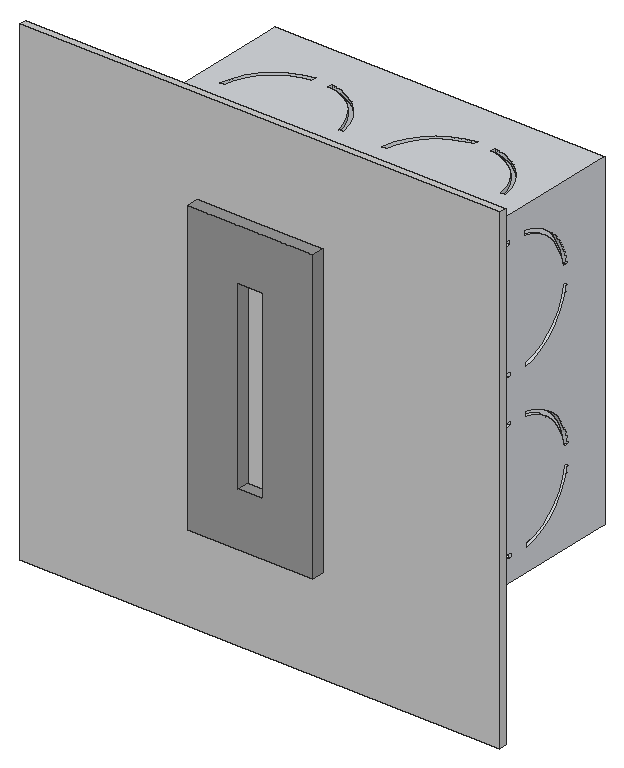
Revit family "LED OLIVE INSITE_LZ645Y3WW", category Luminarias, Revit 2019
Family settings
  Cota de conector redondo = Diámetro de uso
  Tipo de pieza = Normal
  Se basa en plano de trabajo = Sí
  Siempre vertical = No
  Corte con vacíos al cargar = No
  Origen de luz = Sí
  Compartido = No
  Punto de cálculo de habitación = No
Parameters (values of type "LED OLIVE INSITE_LZ645Y3WW")
  Zone [instance] = ""
  Watt per fixture = 4
  Wattage = 4 W
  built-in parameter 1150107 = 3000 (stored number, unit not read)
  Light Source Symbol Size = 609.6 mm
  built-in parameter 1150110 = 1 (stored number, unit not read)
  built-in parameter 1150109 = 1 (stored number, unit not read)
  built-in parameter 1150112 = 1 (stored number, unit not read)
  built-in parameter 1150113 = 1 (stored number, unit not read)
  built-in parameter 1114218 = 1 (stored number, unit not read)
  Keynote = ""
  built-in parameter 1150137 = (empty or 0)
  built-in parameter 1150132 = (empty or 0)
  Modelo = "LZ645Y3WW"
  Lámpara = "CREE"
  Longitud [instance] = 1000 mm
  built-in parameter 1150105 = 33.741 (stored number, unit not read)
  built-in parameter 1150102 = (empty or 0)
  built-in parameter 1150106 = 0.33741 (stored number, unit not read)
  Lumens = 106 lm
  Color Filter = 16777215
  built-in parameter 1114217 = 1 (stored number, unit not read)
  built-in parameter 1150139 = (empty or 0)
  Fabricante = "BRILLANT"
  Default Elevation = 0 mm
  built-in parameter 1150104 = 2.4619 (stored number, unit not read)
  Descripción = "LUMINARIA TIPO CORTESIA PARA EMPOTRAR EN MURO CON CUERPO DE ALUMINIO Y VIDRIO, IP 33 USO PARA INTERIORES, CUENTA CON 1 LED TIPO CREE CON UNA POTENCIA TOTAL DE 4W, A UNA TEMPERATURA EN BLANCO CALIDO 3000K CON 106 LUMENES, EFICIENCIA DE 26.5LM/W, IRC 80, APERTURA A 45 GRADOS EN STOCK, CABLE 0.5M CON FUENTE EXTERNA REMOTA (INCLUIDA) ALIMENTADA A 90-90-240V."
  built-in parameter 1150115 = 1 (stored number, unit not read)
  built-in parameter 1150114 = 1 (stored number, unit not read)
  Comentarios de vataje = "90-240V"
  built-in parameter 1150138 = (empty or 0)
  built-in parameter 1150134 = (empty or 0)
  Circuit [instance] = ""
  Dimming Lamp Color Temperature Shift = (empty or 0)
  built-in parameter 1150133 = 10 (stored number, unit not read)
Reference planes
  plane 1 "Centro (Frontal/Posterior)": y = 0
  plane 2: z = 0
  plane 3 "Centro (Izquierda/Derecha)": x = 0
  plane 4: z = 34.812
Forms (mm)
  Extrusion 1, solid, material "Acabado Blanco"
    sketch origin (20, 0, 0) x (1, 0, 0) y (0, 1, 0)
      loop
        line (-35, 0) -> (-35, -3.015) -> (-5, -3.015) -> (-5, 0) -> (-35, 0)
    from 0 to 69.623
  Extrusion 2, solid, material "Acero Inoxidable"
    sketch origin (0, 0, 0) x (1, 0, 0) y (0, 1, 0)
      loop
        line (-9.442, 0) -> (9.442, 0) -> (9.442, 40) -> (-9.442, 40) -> (-9.442, 0)
    from 7.578 to 62.269
  Extrusion 3, solid, material "Acero Inoxidable"
    sketch origin (0, 0, 0) x (1, 0, 0) y (0, 1, 0)
      loop
        line (-9.442, 25) -> (-9.442, 22.838)
        arc (-9.442, 22.838) -> (0, 52.143) -> (9.442, 22.838) r 16.173
        line (9.442, 22.838) -> (9.442, 25)
        arc (9.442, 25) -> (0, 50.443) -> (-9.442, 25) r 14.473
    from 26.396 to 47.861
  Extrusion 4, void
    sketch origin (0, 0, 0) x (1, 0, 0) y (0, 0, 1)
      loop
        line (-2.964, 57.172) -> (-2.964, 13.025) -> (2.964, 13.025) -> (2.964, 57.172) -> (-2.964, 57.172)
    from 0 to 6.566
  Extrusion 5, solid
    sketch origin (0, 0, 0) x (1, 0, 0) y (0, 0, 1)
      loop
        line (-39.5, 74.312) -> (-39.5, -4.688) -> (39.5, -4.688) -> (39.5, 74.312) -> (-39.5, 74.312)
      loop
        line (38.7, 73.512) -> (-38.7, 73.512) -> (-38.7, -3.888) -> (38.7, -3.888) -> (38.7, 73.512)
    from -53.773 to -1.782
  Extrusion 6, solid
    sketch origin (0, 0, 0) x (1, 0, 0) y (0, 0, 1)
      loop
        line (-39.5, 74.312) -> (-39.5, -4.688) -> (39.5, -4.688) -> (39.5, 74.312) -> (-39.5, 74.312)
    from -53.773 to -52.591
  Extrusion 7, solid, material "Malla"
    sketch origin (0, 0, 0) x (1, 0, 0) y (0, 0, 1)
      loop
        line (-57.5, 92.312) -> (-57.5, -22.688) -> (57.5, -22.688) -> (57.5, 92.312) -> (-57.5, 92.312)
      loop
        line (-15, 69.623) -> (-15, 0) -> (15, 0) -> (15, 69.623) -> (-15, 69.623)
    from -1.782 to 0
  Extrusion 8, void
    sketch origin (0, 0, 0) x (1, 0, 0) y (0, 1, 0)
      loop
        arc (-21.456, 43.384) -> (-29.97, 39.216) -> (-34.285, 30.775) r 15
        line (-34.285, 30.775) -> (-33.109, 30.775)
        arc (-33.109, 30.775) -> (-29.149, 38.395) -> (-21.456, 42.211) r 13.839
        line (-21.456, 42.211) -> (-21.456, 43.384)
      loop
        arc (-34.322, 26.518) -> (-30.062, 17.912) -> (-21.456, 13.652) r 15
        line (-21.456, 13.652) -> (-21.456, 14.825)
        arc (-21.456, 14.825) -> (-29.241, 18.733) -> (-33.149, 26.518) r 13.839
        line (-33.149, 26.518) -> (-34.322, 26.518)
      loop
        line (-17.456, 43.384) -> (-17.456, 42.211)
        arc (-17.456, 42.211) -> (-9.763, 38.395) -> (-5.802, 30.775) r 13.839
        line (-5.802, 30.775) -> (-4.626, 30.775)
        arc (-4.626, 30.775) -> (-8.941, 39.216) -> (-17.456, 43.384) r 15
      loop
        line (-17.456, 14.825) -> (-17.456, 13.652)
        arc (-17.456, 13.652) -> (-8.849, 17.912) -> (-4.59, 26.518) r 15
        line (-4.59, 26.518) -> (-5.762, 26.518)
        arc (-5.762, 26.518) -> (-9.67, 18.733) -> (-17.456, 14.825) r 13.839
      loop
        line (21.456, 43.384) -> (21.456, 42.211)
        arc (21.456, 42.211) -> (29.149, 38.395) -> (33.109, 30.775) r 13.839
        line (33.109, 30.775) -> (34.285, 30.775)
        arc (34.285, 30.775) -> (29.97, 39.216) -> (21.456, 43.384) r 15
      loop
        line (34.322, 26.518) -> (33.149, 26.518)
        arc (33.149, 26.518) -> (29.241, 18.733) -> (21.456, 14.825) r 13.839
        line (21.456, 14.825) -> (21.456, 13.652)
        arc (21.456, 13.652) -> (30.062, 17.912) -> (34.322, 26.518) r 15
      loop
        arc (17.456, 43.384) -> (8.941, 39.216) -> (4.626, 30.775) r 15
        line (4.626, 30.775) -> (5.802, 30.775)
        arc (5.802, 30.775) -> (9.763, 38.395) -> (17.456, 42.211) r 13.839
        line (17.456, 42.211) -> (17.456, 43.384)
      loop
        arc (17.456, 14.825) -> (9.67, 18.733) -> (5.762, 26.518) r 13.839
        line (5.762, 26.518) -> (4.59, 26.518)
        arc (4.59, 26.518) -> (8.849, 17.912) -> (17.456, 13.652) r 15
        line (17.456, 13.652) -> (17.456, 14.825)
    from -8.318 to -3.888
  Extrusion 9, void
    sketch origin (0, 0, 69.623) x (0, -1, 0) y (1, 0, 0)
      loop
        arc (-43.384, -21.456) -> (-39.216, -29.97) -> (-30.775, -34.285) r 15
        line (-30.775, -34.285) -> (-30.775, -33.109)
        arc (-30.775, -33.109) -> (-38.395, -29.149) -> (-42.211, -21.456) r 13.839
        line (-42.211, -21.456) -> (-43.384, -21.456)
      loop
        arc (-26.518, -34.322) -> (-17.912, -30.062) -> (-13.652, -21.456) r 15
        line (-13.652, -21.456) -> (-14.825, -21.456)
        arc (-14.825, -21.456) -> (-18.733, -29.241) -> (-26.518, -33.149) r 13.839
        line (-26.518, -33.149) -> (-26.518, -34.322)
      loop
        line (-43.384, -17.456) -> (-42.211, -17.456)
        arc (-42.211, -17.456) -> (-38.395, -9.763) -> (-30.775, -5.802) r 13.839
        line (-30.775, -5.802) -> (-30.775, -4.626)
        arc (-30.775, -4.626) -> (-39.216, -8.941) -> (-43.384, -17.456) r 15
      loop
        line (-14.825, -17.456) -> (-13.652, -17.456)
        arc (-13.652, -17.456) -> (-17.912, -8.849) -> (-26.518, -4.59) r 15
        line (-26.518, -4.59) -> (-26.518, -5.762)
        arc (-26.518, -5.762) -> (-18.733, -9.67) -> (-14.825, -17.456) r 13.839
      loop
        line (-43.384, 21.456) -> (-42.211, 21.456)
        arc (-42.211, 21.456) -> (-38.395, 29.149) -> (-30.775, 33.109) r 13.839
        line (-30.775, 33.109) -> (-30.775, 34.285)
        arc (-30.775, 34.285) -> (-39.216, 29.97) -> (-43.384, 21.456) r 15
      loop
        line (-26.518, 34.322) -> (-26.518, 33.149)
        arc (-26.518, 33.149) -> (-18.733, 29.241) -> (-14.825, 21.456) r 13.839
        line (-14.825, 21.456) -> (-13.652, 21.456)
        arc (-13.652, 21.456) -> (-17.912, 30.062) -> (-26.518, 34.322) r 15
      loop
        arc (-43.384, 17.456) -> (-39.216, 8.941) -> (-30.775, 4.626) r 15
        line (-30.775, 4.626) -> (-30.775, 5.802)
        arc (-30.775, 5.802) -> (-38.395, 9.763) -> (-42.211, 17.456) r 13.839
        line (-42.211, 17.456) -> (-43.384, 17.456)
      loop
        arc (-14.825, 17.456) -> (-18.733, 9.67) -> (-26.518, 5.762) r 13.839
        line (-26.518, 5.762) -> (-26.518, 4.59)
        arc (-26.518, 4.59) -> (-17.912, 8.849) -> (-13.652, 17.456) r 15
        line (-13.652, 17.456) -> (-14.825, 17.456)
    from 3.888 to 8.691
  Extrusion 10, void
    sketch origin (0, 0, 0) x (0, 1, 0) y (0, 0, 1)
      loop
        line (42.694, 13.48) -> (41.521, 13.47)
        arc (41.521, 13.47) -> (37.769, 5.746) -> (30.183, 1.722) r 13.839
        line (30.183, 1.722) -> (30.193, 0.546)
        arc (30.193, 0.546) -> (38.597, 4.931) -> (42.694, 13.48) r 15
      loop
        line (25.936, 0.473) -> (25.926, 1.646)
        arc (25.926, 1.646) -> (18.109, 5.489) -> (14.136, 13.241) r 13.839
        line (14.136, 13.241) -> (12.963, 13.231)
        arc (12.963, 13.231) -> (17.294, 4.661) -> (25.936, 0.473) r 15
      loop
        arc (42.661, 17.48) -> (38.422, 25.959) -> (29.945, 30.203) r 15
        line (29.945, 30.203) -> (29.954, 29.027)
        arc (29.954, 29.027) -> (37.607, 25.131) -> (41.488, 17.47) r 13.839
        line (41.488, 17.47) -> (42.661, 17.48)
      loop
        arc (14.102, 17.241) -> (17.945, 25.059) -> (25.697, 29.032) r 13.839
        line (25.697, 29.032) -> (25.688, 30.204)
        arc (25.688, 30.204) -> (17.117, 25.873) -> (12.93, 17.231) r 15
        line (12.93, 17.231) -> (14.102, 17.241)
      loop
        arc (42.335, 56.39) -> (38.096, 64.869) -> (29.619, 69.113) r 15
        line (29.619, 69.113) -> (29.629, 67.937)
        arc (29.629, 67.937) -> (37.282, 64.041) -> (41.163, 56.38) r 13.839
        line (41.163, 56.38) -> (42.335, 56.39)
      loop
        arc (25.362, 69.114) -> (16.792, 64.783) -> (12.604, 56.141) r 15
        line (12.604, 56.141) -> (13.777, 56.151)
        arc (13.777, 56.151) -> (17.62, 63.969) -> (25.372, 67.942) r 13.839
        line (25.372, 67.942) -> (25.362, 69.114)
      loop
        line (42.369, 52.39) -> (41.196, 52.38)
        arc (41.196, 52.38) -> (37.444, 44.655) -> (29.857, 40.632) r 13.839
        line (29.857, 40.632) -> (29.867, 39.456)
        arc (29.867, 39.456) -> (38.272, 43.841) -> (42.369, 52.39) r 15
      loop
        line (13.811, 52.151) -> (12.638, 52.141)
        arc (12.638, 52.141) -> (16.969, 43.571) -> (25.611, 39.383) r 15
        line (25.611, 39.383) -> (25.601, 40.556)
        arc (25.601, 40.556) -> (17.783, 44.399) -> (13.811, 52.151) r 13.839
    from 38.7 to 44.031
  Extrusion 11, void
    sketch origin (0, 0, 0) x (0, 1, 0) y (0, 0, -1)
      loop
        arc (42.694, -13.48) -> (38.597, -4.931) -> (30.193, -0.546) r 15
        line (30.193, -0.546) -> (30.183, -1.722)
        arc (30.183, -1.722) -> (37.769, -5.746) -> (41.521, -13.47) r 13.839
        line (41.521, -13.47) -> (42.694, -13.48)
      loop
        arc (25.936, -0.473) -> (17.294, -4.661) -> (12.963, -13.231) r 15
        line (12.963, -13.231) -> (14.136, -13.241)
        arc (14.136, -13.241) -> (18.109, -5.489) -> (25.926, -1.646) r 13.839
        line (25.926, -1.646) -> (25.936, -0.473)
      loop
        line (42.661, -17.48) -> (41.488, -17.47)
        arc (41.488, -17.47) -> (37.607, -25.131) -> (29.954, -29.027) r 13.839
        line (29.954, -29.027) -> (29.945, -30.203)
        arc (29.945, -30.203) -> (38.422, -25.959) -> (42.661, -17.48) r 15
      loop
        line (14.102, -17.241) -> (12.93, -17.231)
        arc (12.93, -17.231) -> (17.117, -25.873) -> (25.688, -30.204) r 15
        line (25.688, -30.204) -> (25.697, -29.032)
        arc (25.697, -29.032) -> (17.945, -25.059) -> (14.102, -17.241) r 13.839
      loop
        line (42.335, -56.39) -> (41.163, -56.38)
        arc (41.163, -56.38) -> (37.282, -64.041) -> (29.629, -67.937) r 13.839
        line (29.629, -67.937) -> (29.619, -69.113)
        arc (29.619, -69.113) -> (38.096, -64.869) -> (42.335, -56.39) r 15
      loop
        line (25.362, -69.114) -> (25.372, -67.942)
        arc (25.372, -67.942) -> (17.62, -63.969) -> (13.777, -56.151) r 13.839
        line (13.777, -56.151) -> (12.604, -56.141)
        arc (12.604, -56.141) -> (16.792, -64.783) -> (25.362, -69.114) r 15
      loop
        arc (42.369, -52.39) -> (38.272, -43.841) -> (29.867, -39.456) r 15
        line (29.867, -39.456) -> (29.857, -40.632)
        arc (29.857, -40.632) -> (37.444, -44.655) -> (41.196, -52.38) r 13.839
        line (41.196, -52.38) -> (42.369, -52.39)
      loop
        arc (13.811, -52.151) -> (17.783, -44.399) -> (25.601, -40.556) r 13.839
        line (25.601, -40.556) -> (25.611, -39.383)
        arc (25.611, -39.383) -> (16.969, -43.571) -> (12.638, -52.141) r 15
        line (12.638, -52.141) -> (13.811, -52.151)
    from 38.7 to 44.031
Cuts and joins
  Extrusion 4 cuts Extrusion 1
  Extrusion 4, Extrusion 8 cuts Extrusion 2
  Extrusion 8, Extrusion 9, Extrusion 10, Extrusion 11 cuts Extrusion 5
  Extrusion 9, Extrusion 11 cuts Extrusion 6
  joined: Extrusion 5, Extrusion 6
Dimensions and locks
  Extrusion 1 to level = 69.623 mm
  Extrusion 1 to Extrusion 1 = 30 mm
  equal spacing: Extrusion 1 sketch curve, plane 3 "Centro (Izquierda/Derecha)", Extrusion 1 sketch curve
  Extrusion 1 sketch curve to plane 3 "Centro (Izquierda/Derecha)" = 15 mm
  Extrusion 2 sketch curve to Extrusion 1 = 40 mm
  equal spacing: Extrusion 2 sketch curve, plane 3 "Centro (Izquierda/Derecha)", Extrusion 2 sketch curve
  Extrusion 2 sketch curve to plane 3 "Centro (Izquierda/Derecha)" = 9.442 mm
  Extrusion 2 sketch curve to Extrusion 2 sketch curve = 18.883 mm
  cut or joined group of Extrusion 1, Extrusion 4 to plane 3 "Centro (Izquierda/Derecha)" = 2.964 mm
  equal spacing: cut or joined group of Extrusion 1, Extrusion 4, plane 3 "Centro (Izquierda/Derecha)", cut or joined group of Extrusion 1, Extrusion 4
  Extrusion 5 to Extrusion 5 = 51.991 mm
  equal spacing: Extrusion 7 sketch curve, plane 3 "Centro (Izquierda/Derecha)", Extrusion 7 sketch curve
  equal spacing: Extrusion 7 sketch curve, plane 4, Extrusion 7 sketch curve
  plane 3 "Centro (Izquierda/Derecha)" to Extrusion 7 sketch curve = 57.5 mm
  Extrusion 7 sketch curve to plane 4 = 57.5 mm
  aligned and locked: level to plane 2
  aligned and locked: Extrusion 6 to Extrusion 5
Automatic sketch dimensions
  plane 1 "Centro (Frontal/Posterior)" to Extrusion 1 sketch curve = 0 mm
  plane 1 "Centro (Frontal/Posterior)" to Extrusion 1 sketch curve = 3.015 mm
  plane 1 "Centro (Frontal/Posterior)" to Extrusion 2 sketch curve = 0 mm
  Extrusion 3 sketch curve to Extrusion 3 sketch curve = 0 mm  (x2)
  Extrusion 3 sketch curve to plane 3 "Centro (Izquierda/Derecha)" = 0 mm
  Extrusion 3 sketch curve to plane 3 "Centro (Izquierda/Derecha)" = 9.442 mm
  plane 3 "Centro (Izquierda/Derecha)" to Extrusion 3 sketch curve = 9.442 mm
  Extrusion 3 sketch curve to plane 1 "Centro (Frontal/Posterior)" = 22.838 mm
  Extrusion 3 sketch curve to Extrusion 3 sketch curve = 2.162 mm
  Extrusion 3 sketch curve to Extrusion 3 sketch curve = 10.97 mm
  Extrusion 4 sketch curve to plane 3 "Centro (Izquierda/Derecha)" = 2.964 mm
  plane 3 "Centro (Izquierda/Derecha)" to Extrusion 4 sketch curve = 2.964 mm
  level to Extrusion 4 sketch curve = 13.025 mm
  Extrusion 4 sketch curve to Extrusion 4 sketch curve = 44.148 mm
  Extrusion 5 sketch curve to level = 4.688 mm
  Extrusion 5 sketch curve to plane 3 "Centro (Izquierda/Derecha)" = 39.5 mm
  Extrusion 5 sketch curve to Extrusion 5 sketch curve = 0.8 mm  (x3)
  Extrusion 5 sketch curve to level = 3.888 mm
  plane 3 "Centro (Izquierda/Derecha)" to Extrusion 5 sketch curve = 38.7 mm
  level to Extrusion 5 sketch curve = 73.512 mm
  Extrusion 6 sketch curve to level = 4.688 mm
  Extrusion 6 sketch curve to plane 3 "Centro (Izquierda/Derecha)" = 39.5 mm
  plane 3 "Centro (Izquierda/Derecha)" to Extrusion 6 sketch curve = 39.5 mm
  level to Extrusion 6 sketch curve = 74.312 mm
  Extrusion 7 sketch curve to level = 0 mm
  Extrusion 7 sketch curve to plane 3 "Centro (Izquierda/Derecha)" = 15 mm
  plane 3 "Centro (Izquierda/Derecha)" to Extrusion 7 sketch curve = 15 mm
  Extrusion 7 sketch curve to plane 4 = 34.812 mm
  Extrusion 8 sketch curve to Extrusion 8 sketch curve = 0 mm  (x114)
  Extrusion 8 sketch curve to plane 3 "Centro (Izquierda/Derecha)" = 34.322 mm
  Extrusion 8 sketch curve to Extrusion 8 sketch curve = 0.037 mm  (x2)
  Extrusion 8 sketch curve to Extrusion 8 sketch curve = 1.173 mm  (x6)
  Extrusion 8 sketch curve to Extrusion 8 sketch curve = 1.176 mm  (x4)
  Extrusion 8 sketch curve to Extrusion 8 sketch curve = 11.653 mm  (x2)
  Extrusion 8 sketch curve to Extrusion 8 sketch curve = 11.693 mm  (x2)
  Extrusion 8 sketch curve to Extrusion 8 sketch curve = 13.653 mm  (x2)
  Extrusion 8 sketch curve to Extrusion 8 sketch curve = 4 mm  (x4)
  Extrusion 8 sketch curve to plane 3 "Centro (Izquierda/Derecha)" = 5.802 mm
  Extrusion 8 sketch curve to Extrusion 8 sketch curve = 0.04 mm  (x2)
  plane 3 "Centro (Izquierda/Derecha)" to Extrusion 8 sketch curve = 4.59 mm
  Extrusion 8 sketch curve to Extrusion 8 sketch curve = 2 mm
  Extrusion 8 sketch curve to plane 1 "Centro (Frontal/Posterior)" = 13.652 mm  (x2)
  Extrusion 8 sketch curve to Extrusion 8 sketch curve = 4.257 mm  (x4)
  Extrusion 9 sketch curve to Extrusion 9 sketch curve = 0 mm  (x118)
  Extrusion 9 sketch curve to plane 3 "Centro (Izquierda/Derecha)" = 21.456 mm
  Extrusion 9 sketch curve to plane 1 "Centro (Frontal/Posterior)" = 43.384 mm
  plane 3 "Centro (Izquierda/Derecha)" to Extrusion 9 sketch curve = 17.456 mm
  Extrusion 9 sketch curve to Extrusion 9 sketch curve = 1.173 mm  (x8)
  plane 3 "Centro (Izquierda/Derecha)" to Extrusion 9 sketch curve = 4.626 mm
  Extrusion 9 sketch curve to Extrusion 9 sketch curve = 11.437 mm  (x3)
  Extrusion 9 sketch curve to plane 3 "Centro (Izquierda/Derecha)" = 4.626 mm
  Extrusion 9 sketch curve to Extrusion 9 sketch curve = 13.693 mm  (x3)
  Extrusion 9 sketch curve to Extrusion 9 sketch curve = 2.257 mm
  Extrusion 9 sketch curve to Extrusion 9 sketch curve = 4.257 mm  (x4)
  Extrusion 9 sketch curve to Extrusion 9 sketch curve = 11.653 mm
  Extrusion 9 sketch curve to Extrusion 9 sketch curve = 0.04 mm
  Extrusion 9 sketch curve to Extrusion 9 sketch curve = 4 mm  (x3)
  Extrusion 9 sketch curve to Extrusion 9 sketch curve = 0.037 mm
  Extrusion 10 sketch curve to Extrusion 10 sketch curve = 0 mm  (x112)
  Extrusion 10 sketch curve to plane 1 "Centro (Frontal/Posterior)" = 12.604 mm
  Extrusion 10 sketch curve to Extrusion 10 sketch curve = 0.033 mm  (x4)
  Extrusion 10 sketch curve to plane 1 "Centro (Frontal/Posterior)" = 12.93 mm
  Extrusion 10 sketch curve to Extrusion 10 sketch curve = 1.173 mm  (x8)
  Extrusion 10 sketch curve to Extrusion 10 sketch curve = 11.585 mm  (x2)
  Extrusion 10 sketch curve to Extrusion 10 sketch curve = 0.01 mm  (x11)
  Extrusion 10 sketch curve to Extrusion 10 sketch curve = 11.791 mm  (x2)
  Extrusion 10 sketch curve to Extrusion 10 sketch curve = 0.077 mm
  level to Extrusion 10 sketch curve = 1.646 mm
  level to Extrusion 10 sketch curve = 0.473 mm
  Extrusion 10 sketch curve to Extrusion 10 sketch curve = 2.114 mm
  Extrusion 10 sketch curve to Extrusion 10 sketch curve = 1.885 mm
  Extrusion 10 sketch curve to Extrusion 10 sketch curve = 4.257 mm  (x2)
  Extrusion 10 sketch curve to Extrusion 10 sketch curve = 4.256 mm  (x2)
  level to Extrusion 10 sketch curve = 1.722 mm
  level to Extrusion 10 sketch curve = 0.546 mm
  Extrusion 10 sketch curve to Extrusion 10 sketch curve = 13.676 mm  (x2)
  level to Extrusion 10 sketch curve = 17.47 mm
  level to Extrusion 10 sketch curve = 13.47 mm
  level to Extrusion 10 sketch curve = 17.48 mm
  level to Extrusion 10 sketch curve = 13.48 mm
  Extrusion 10 sketch curve to Extrusion 10 sketch curve = 4 mm  (x3)
  Extrusion 10 sketch curve to Extrusion 10 sketch curve = 9.179 mm
  Extrusion 10 sketch curve to Extrusion 10 sketch curve = 0.072 mm
  Extrusion 10 sketch curve to Extrusion 10 sketch curve = 1.176 mm
  Extrusion 11 sketch curve to Extrusion 11 sketch curve = 0 mm  (x112)
  Extrusion 11 sketch curve to plane 1 "Centro (Frontal/Posterior)" = 12.604 mm
  Extrusion 11 sketch curve to Extrusion 11 sketch curve = 0.033 mm  (x4)
  Extrusion 11 sketch curve to plane 1 "Centro (Frontal/Posterior)" = 12.93 mm
  Extrusion 11 sketch curve to Extrusion 11 sketch curve = 1.173 mm  (x9)
  Extrusion 11 sketch curve to Extrusion 11 sketch curve = 11.585 mm  (x2)
  Extrusion 11 sketch curve to Extrusion 11 sketch curve = 0.01 mm  (x10)
  Extrusion 11 sketch curve to Extrusion 11 sketch curve = 11.791 mm  (x2)
  Extrusion 11 sketch curve to Extrusion 11 sketch curve = 0.077 mm
  level to Extrusion 11 sketch curve = 1.646 mm
  level to Extrusion 11 sketch curve = 0.473 mm
  Extrusion 11 sketch curve to Extrusion 11 sketch curve = 2.114 mm  (x2)
  Extrusion 11 sketch curve to Extrusion 11 sketch curve = 4.257 mm  (x2)
  Extrusion 11 sketch curve to Extrusion 11 sketch curve = 4.256 mm  (x2)
  level to Extrusion 11 sketch curve = 1.722 mm
  level to Extrusion 11 sketch curve = 0.546 mm
  Extrusion 11 sketch curve to Extrusion 11 sketch curve = 13.676 mm  (x2)
  level to Extrusion 11 sketch curve = 17.47 mm
  level to Extrusion 11 sketch curve = 13.47 mm
  level to Extrusion 11 sketch curve = 17.48 mm
  level to Extrusion 11 sketch curve = 13.48 mm
  Extrusion 11 sketch curve to Extrusion 11 sketch curve = 0.001 mm
  Extrusion 11 sketch curve to Extrusion 11 sketch curve = 9.179 mm
  Extrusion 11 sketch curve to Extrusion 11 sketch curve = 0.072 mm
  Extrusion 11 sketch curve to Extrusion 11 sketch curve = 1.176 mm
  Extrusion 11 sketch curve to Extrusion 11 sketch curve = 4 mm  (x2)
